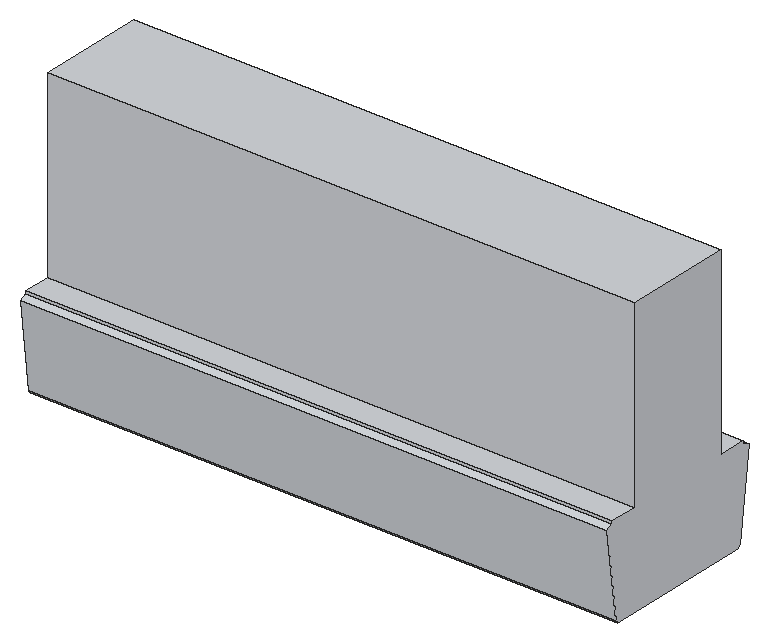
Revit family "KBB d=400_Precast-Console Beam_Spæncom", category Structural Framing, Revit 2014
Parameters (values of type "KBB 118/78 (150mm hylde)")
  Structural Material [instance] = none
  Model = "KBB"
  Manufacturer = "Spæncom"
  Length [instance] = 3000 mm
  Height element = 1180 mm
  Height (bjælkekroppen) = 780 mm
  Width (bjælkekroppen) = 460 mm
  Height console = 400 mm  # constant formula
  Width console = 150 mm
  Base width = 660 mm  # constant formula
Types (7, lengths in mm): name | Height element | Height (bjælkekroppen) | Width (bjælkekroppen) | Width console
  (no name) | 1180 | 780 | 460 | 150
  KBB 118/78 (150mm hylde) | 1180 | 780 | 460 | 150
  KBB 118/78 (200mm hylde) | 1180 | 780 | 360 | 200
  KBB 130/90 (150mm hylde) | 1300 | 900 | 460 | 150
  KBB 130/90 (200mm hylde) | 1300 | 900 | 360 | 200
  KBB 142/102 (150mm hylde) | 1420 | 1020 | 460 | 150
  KBB 142/102 (200mm hylde) | 1420 | 1020 | 360 | 200
Reference planes
  plane 1 "Center (Front/Back)": y = 0
  plane 2 "Center Elevation": z = 0
  plane 3 "Center (Left/Right)": x = 0
  plane 4 "Left": x = -1500
  plane 5 "Member Left": x = -1250
  plane 6 "Stick Symbol Left": x = -1000
  plane 7 "Right": x = 1500
  plane 8 "Member Right": x = 1250
  plane 9 "Stick Symbol Right": x = 1000
  plane 10: z = 400
  plane 11: through (0, 376.875, 375) normal (0, -0.9923, 0.124)
  plane 12: through (0, -331.24, 9.923) normal (0, 0.9923, 0.124)
  plane 13: through (0, 376.875, 375) normal (0, -0.9923, 0.124)
  plane 14: through (0, -331.24, 9.923) normal (0, 0.9923, 0.124)
Forms (mm)
  Extrusion 1, solid, material <- "Structural Material"
    sketch origin (-1500, 0, 0) x (0, -1, 0) y (0, 0, 1)
      loop
        line (230, 1180) -> (-230, 1180) -> (-230, 400) -> (-350, 400) -> (-350, 390) -> (-376.875, 375) -> (-331.24, 9.923) -> (-320, 0) -> (320, 0) -> (331.24, 9.923) -> (376.875, 375) -> (350, 390) -> (350, 400) -> (230, 400) -> (230, 1180)
    from -2750 to -250
Dimensions and locks
  equal spacing: plane 4 "Left", plane 3 "Center (Left/Right)", plane 7 "Right"
  "Length": plane 4 "Left" to plane 7 "Right"
  "Height console": plane 10 to plane 2 "Center Elevation"
  "Height (bjælkekroppen)": Extrusion 1 to plane 10
  Extrusion 1 to Extrusion 1 = 1180 mm
  "Width console": plane 13 to Extrusion 1 sketch curve
  "Width console": Extrusion 1 sketch curve to plane 12
  "Width (bjælkekroppen)": Extrusion 1 to Extrusion 1
  plane 11 to Extrusion 1 = 150 mm
  Extrusion 1 to plane 12 = 150 mm
  locked: plane 11 to Extrusion 1 sketch curve at 30
  locked: Extrusion 1 sketch curve to plane 12 at 30
  aligned and locked: level to plane 2 "Center Elevation"
  aligned and locked: Extrusion 1 sketch curve to plane 12
  aligned and locked: Extrusion 1 sketch curve to plane 11
  aligned and locked: Extrusion 1 to plane 8 "Member Right"
  aligned and locked: plane 5 "Member Left" to Extrusion 1
Automatic sketch dimensions
  Extrusion 1 sketch curve to plane 10 = 0 mm  (x2)
  Extrusion 1 sketch curve to level = 0 mm
  Extrusion 1 sketch curve to plane 1 "Center (Front/Back)" = 320 mm
  level to Extrusion 1 sketch curve = 9.923 mm  (x2)
  Extrusion 1 sketch curve to plane 10 = 25 mm  (x2)
  plane 1 "Center (Front/Back)" to Extrusion 1 sketch curve = 320 mm
  Extrusion 1 sketch curve to Extrusion 1 sketch curve = 10 mm
  plane 10 to Extrusion 1 sketch curve = 780 mm
  Extrusion 1 sketch curve to plane 10 = 10 mm
